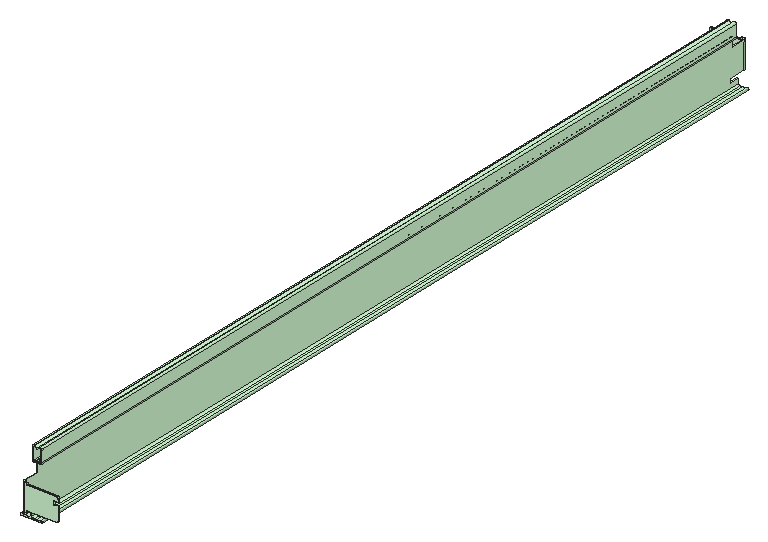
Revit family "et4015_cross_600", category 機械設備, Revit 2022
Family settings
  丸型コネクタ寸法 = 直径を使用
  種別 = なし
  パーツ タイプ = 標準
  作業面ベース = いいえ
  常に垂直 = はい
  ロード時にボイドで切り取り = いいえ
  注釈の向きを維持 = いいえ
  共有 = いいえ
  部屋計算ポイント = いいえ
Parameters
  製造元 = "株式会社桐井製作所"
  既定の高さ = 0 mm
  URL = "https://www.kirii.co.jp/"
  K_長さ(mm) = 600 mm
  K_材質 = "溶融亜鉛めっき鋼板及び鋼帯SGCC 一般用　カラー鋼板"
  K_品名 = "eTバー4015クロス(600グリッド用)"
  K_名称 = "Tバー"
  K_入数 = "40"
  K_バージョン情報 = "20220411"
  K_めっき付着量 = "JIS G 3302 Z12、カラー鋼板　塗装膜厚20μ(白色)"
  K_JIS規格 = "JIS G 3302"
Reference planes
  plane 1 "中心(正面/背面)": y = 0
  plane 2: z = 0
  plane 3 "中心(左/右)": x = 0
  plane 4: y = 600
Forms (mm)
  Extrusion 1, solid
    sketch origin (0, -1320, 7.1) x (-1, 0, 0) y (0, 0, 1)
      loop
        arc (0.4, 24.899) -> (0.715, 25.363) -> (1.263, 25.242) r 0.5
        arc (1.263, 25.242) -> (1.627, 24.916) -> (2.1, 24.799) r 1.011
        arc (2.1, 24.799) -> (2.736, 25.062) -> (3, 25.699) r 0.9
        line (3, 25.699) -> (3, 33.799)
        arc (3, 33.799) -> (2.473, 34.679) -> (1.448, 34.633) r 1
        line (1.448, 34.633) -> (0, 33.681) -> (-1.448, 34.633)
        arc (-1.448, 34.633) -> (-2.473, 34.679) -> (-3, 33.799) r 1
        line (-3, 33.799) -> (-3, 25.699)
        arc (-3, 25.699) -> (-2.736, 25.062) -> (-2.1, 24.799) r 0.9
        arc (-2.1, 24.799) -> (-1.627, 24.916) -> (-1.263, 25.242) r 1.011
        arc (-1.263, 25.242) -> (-0.715, 25.363) -> (-0.4, 24.899) r 0.5
        line (-0.4, 24.899) -> (-0.4, -5.442)
        arc (-0.4, -5.442) -> (-0.717, -6.207) -> (-1.483, -6.525) r 1.083
        line (-1.483, -6.525) -> (-4, -6.26) -> (-5.807, -6.26) -> (-6.519, -5.891)
        arc (-6.519, -5.891) -> (-7.477, -6.278) -> (-6.85, -7.1) r 0.65
        line (-6.85, -7.1) -> (6.85, -7.1)
        arc (6.85, -7.1) -> (7.477, -6.278) -> (6.519, -5.891) r 0.65
        line (6.519, -5.891) -> (5.807, -6.26) -> (4, -6.26) -> (1.483, -6.525)
        arc (1.483, -6.525) -> (0.717, -6.207) -> (0.4, -5.441) r 1.083
        line (0.4, -5.441) -> (0.4, 24.899)
      loop
        arc (-1.668, 34.298) -> (-2.283, 34.327) -> (-2.6, 33.799) r 0.6
        line (-2.6, 33.799) -> (-2.6, 25.699)
        arc (-2.6, 25.699) -> (-2.302, 25.241) -> (-1.763, 25.329) r 0.5
        line (-1.763, 25.329) -> (-1.063, 25.784)
        arc (-1.063, 25.784) -> (-0.324, 25.59) -> (0, 24.899) r 0.9
        arc (0, 24.899) -> (0.324, 25.59) -> (1.063, 25.784) r 0.9
        line (1.063, 25.784) -> (1.763, 25.329)
        arc (1.763, 25.329) -> (2.302, 25.241) -> (2.6, 25.699) r 0.5
        line (2.6, 25.699) -> (2.6, 33.799)
        arc (2.6, 33.799) -> (2.283, 34.327) -> (1.668, 34.298) r 0.6
        line (1.668, 34.298) -> (0.549, 33.563)
        arc (0.549, 33.563) -> (0, 33.399) -> (-0.549, 33.563) r 1
        line (-0.549, 33.563) -> (-1.668, 34.298)
    from 1320 to 1920
  Extrusion 2, void
    sketch origin (0, 0, 0) x (0, 1, 0) y (0, 0, 1)
      loop
        line (5, 41.941) -> (0, 41.941) -> (0, 25.9) -> (5, 25.9) -> (5, 41.941)
    from -3 to 3
  Extrusion 3, solid
    sketch origin (-0.114, 0, 16.166) x (1, 0, 0) y (0, 1, 0)
      loop
        line (24.214, -7.2) -> (24.214, -6.4) -> (1.714, -6.4)
        arc (1.714, -6.4) -> (0.866, -6.049) -> (0.514, -5.2) r 1.2
        line (0.514, -5.2) -> (0.514, 0) -> (-0.286, 0) -> (-0.286, -5.2)
        arc (-0.286, -5.2) -> (0.3, -6.614) -> (1.714, -7.2) r 2
        line (1.714, -7.2) -> (24.214, -7.2)
    from -8.266 to 9.734
  Extrusion 4, void
    sketch origin (0, 0, -7.234) x (1, 0, 0) y (0, 0, 1)
      loop
        line (2.6, 31.999) -> (23.1, 31.999)
        arc (23.1, 31.999) -> (23.807, 31.706) -> (24.1, 30.999) r 1
        line (24.1, 30.999) -> (24.1, 33.134) -> (2.6, 33.134) -> (2.6, 31.999)
    from 6.4 to 7.2
  Extrusion 5, void
    sketch origin (0, 0, -7.234) x (1, 0, 0) y (0, 0, 1)
      loop
        line (24.1, 26.599) -> (24.1, 28.599) -> (21.1, 28.599) -> (21.1, 26.599) -> (24.1, 26.599)
    from 6.4 to 7.2
  Extrusion 6, void
    sketch origin (0, 0, 0) x (0, 1, 0) y (0, 0, 1)
      loop
        line (6.9, 7.833) -> (0, 7.833) -> (0, 4.833) -> (6.9, 4.833) -> (6.9, 7.833)
    from -0.4 to 0.4
  Extrusion 7, void
    sketch origin (0, -13.6, -8.031) x (1, 0, 0) y (0, 0, -1)
      loop
        line (24.1, -15.931) -> (2.6, -15.931) -> (2.6, -16.999) -> (22.1, -16.999)
        arc (22.1, -16.999) -> (23.231, -17.237) -> (24.1, -17.999) r 2.28
        line (24.1, -17.999) -> (24.1, -15.931)
    from 6.4 to 7.2
  Extrusion 8, void
    sketch origin (0, 600, 0) x (0, -1, 0) y (0, 0, -1)
      loop
        line (5, -41.941) -> (5, -25.9) -> (0, -25.9) -> (0, -41.941) -> (5, -41.941)
    from -3 to 3
  Extrusion 9, void
    sketch origin (0, 600, 0) x (0, -1, 0) y (0, 0, -1)
      loop
        line (6.9, -7.833) -> (6.9, -4.833) -> (0, -4.833) -> (0, -7.833) -> (6.9, -7.833)
    from -0.4 to 0.4
  Extrusion 10, solid
    sketch origin (0.114, 600, 16.329) x (-1, 0, 0) y (0, -1, 0)
      loop
        line (24.214, -7.2) -> (24.214, -6.4) -> (1.714, -6.4)
        arc (1.714, -6.4) -> (0.866, -6.049) -> (0.514, -5.2) r 1.2
        line (0.514, -5.2) -> (0.514, 0) -> (-0.286, 0) -> (-0.286, -5.2)
        arc (-0.286, -5.2) -> (0.3, -6.614) -> (1.714, -7.2) r 2
        line (1.714, -7.2) -> (24.214, -7.2)
    from -8.429 to 9.571
  Extrusion 11, void
    sketch origin (0, 600, -7.071) x (-1, 0, 0) y (0, 0, 1)
      loop
        line (24.1, 26.599) -> (24.1, 28.599) -> (21.1, 28.599) -> (21.1, 26.599) -> (24.1, 26.599)
    from 6.4 to 7.2
  Extrusion 12, void
    sketch origin (0, 600, -7.936) x (-1, 0, 0) y (0, 0, 1)
      loop
        line (24.1, 15.836) -> (24.1, 17.999)
        arc (24.1, 17.999) -> (23.231, 17.237) -> (22.1, 16.999) r 2.28
        line (22.1, 16.999) -> (2.6, 16.999) -> (2.6, 15.836) -> (24.1, 15.836)
    from 6.4 to 7.2
  Extrusion 13, void
    sketch origin (0, 613.6, -7.234) x (-1, 0, 0) y (0, 0, -1)
      loop
        line (2.6, -31.999) -> (2.6, -33.134) -> (24.1, -33.134) -> (24.1, -30.999)
        arc (24.1, -30.999) -> (23.807, -31.706) -> (23.1, -31.999) r 1
        line (23.1, -31.999) -> (2.6, -31.999)
    from 6.4 to 7.2
Cuts and joins
  Extrusion 2, Extrusion 6, Extrusion 7, Extrusion 8, Extrusion 9 cuts Extrusion 1
  Extrusion 4, Extrusion 5, Extrusion 7 cuts Extrusion 3
  Extrusion 11, Extrusion 12, Extrusion 13 cuts Extrusion 10
  joined: Extrusion 1, Extrusion 3, Extrusion 10
Dimensions and locks
  plane 4 to plane 1 "中心(正面/背面)" = 600 mm
  aligned and locked: level to plane 2
  aligned and locked: plane 4 to Extrusion 1
